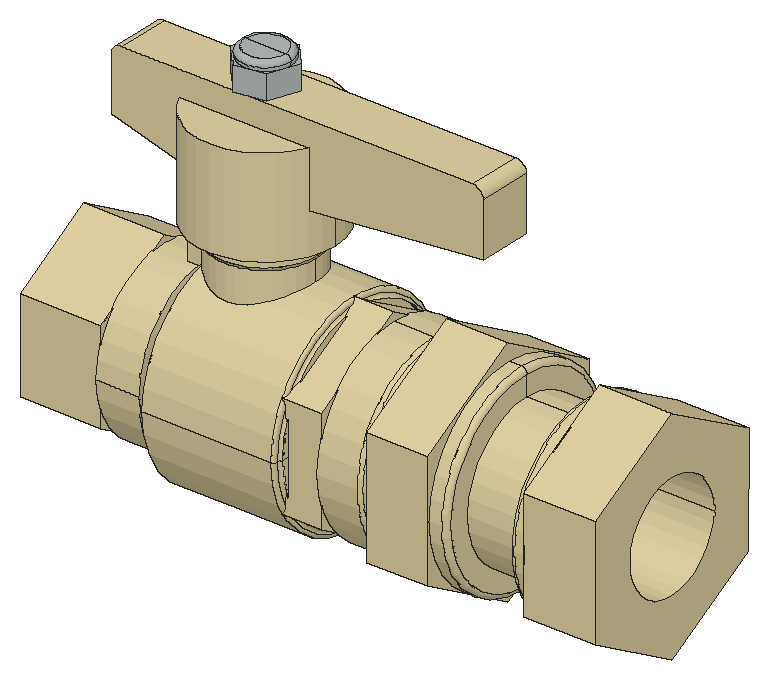
Revit family "QD00180000", category Apparecchi idraulici, Revit 2020
Family settings
  Quota connettore circolare = Usa diametro
  Tipo di parte = Normale
  Numero OmniClass = 23.45.00.00
  Titolo OmniClass = Sanitary, Laundry, and Cleaning Equipment
  Basato su piano di lavoro = No
  Sempre verticale = Sì
  Taglio con vuoti quando caricato = No
  Condiviso = No
  Punto di calcolo locali = No
Parameters
  URL = "https://web.cimberio.it/index.php/figura/987?subcategoria_id=43717"
  Temperatura di esercizio = "-20 ÷ 120°C"
  Prospetto di default = 0 mm
  Produttore = "CIMBERIO SPA"
  Pressione nominale = "PN 16"
  Modello = "Cim 203OT"
  Materiale = "Prodotto in lega di ottone conforme alla norma EN 12165-CW617N-DW"
  Descrizione = "Utilizzato nei più svariati settori dell'impiantistica: reti di distribuzione acqua potabile, impianti di riscaldamento, condizionamento, igienico-sanitari e in generale con ogni fluido non corrosivo"
  DN Model [instance] = QD00182133 : QD00182133
  DN [instance] = 20 mm
  Commenti sul tipo = "Realizzato in ottemperanza ai requisiti gestionali della norma EN ISO 9001.\r\nCollaudato al 100% secondo la normativa EN 12266-1"
Reference planes
  plane 1 "Centro (Fronte/Retro)": y = 0
  plane 2: z = 0
  plane 3 "Centro (Sinistra/Destra)": x = 0
Dimensions and locks
  aligned and locked: level to plane 2
Nested families
  nested 1: "QD00182133" at (0, 0, 0), type <- "DN Model", type "QD00182133"
  nested 2: "QD00182133" at (0, 0, 0), type <- "DN Model", type "QD00182133"
  nested 3: "QD00182133" at (0, 0, 0), type <- "DN Model", type "QD00182133"
  nested 4: "QD00182133" at (0, 0, 0), type <- "DN Model", type "QD00182133"
Connectors
  piping at (76.4, 0, 0), diameter 20, driven by "DN"
    settings: on nested 1, index 1, connector inside diameter 609.6 mm, connector length 0 mm, flow factor 0, pipe flow 0.0 L/s, pressure drop 0.0 Pa, fitting loss kfactor 0, connector angle 0.00°, fixture units 0, engagement length 0 mm, angle of deflection 0.00°, flow configuration 0, flow direction 0, fitting loss method 0, system type 7, joint type 0, gender type 0, connector reference index -1, connector utility 0, adjustable connector no, is connector primary yes, connector description ""
  piping at (-34.1, 0, 0), diameter 20, driven by "DN"
    settings: on nested 1, index 2, connector inside diameter 609.6 mm, connector length 0 mm, flow factor 0, pipe flow 0.0 L/s, pressure drop 0.0 Pa, fitting loss kfactor 0, connector angle 0.00°, fixture units 0, engagement length 0 mm, angle of deflection 0.00°, flow configuration 0, flow direction 0, fitting loss method 0, system type 7, joint type 0, gender type 0, connector reference index -1, connector utility 0, adjustable connector no, is connector primary no, connector description ""
Definition of nested family "QD00182133"
  Parameters (values of type "QD00182133")
    Default Elevation = 0 mm
  Reference planes
    plane 1 "Centro (Fronte/Retro)": y = 0
    plane 2: z = 0
    plane 3 "Centro (Sinistra/Destra)": x = 0
  Forms (mm)
    Revolve 1, solid
      sketch origin (0, 0, 0) x (1, 0, 0) y (0, 1, 0)
        loop
          line (-19, 10) -> (17.609, 10) -> (17.609, 18)
          arc (17.609, 18) -> (17.199, 18.241) -> (17.097, 18.705) r 0.594
          arc (17.097, 18.705) -> (17.006, 19.201) -> (16.6, 19.5) r 0.685
          line (16.6, 19.5) -> (-7.6, 19.5) -> (-11, 16.1) -> (-19, 16.1) -> (-19, 10)
        axis (-19, 0) -> (17.609, 0)
      angle from 0 to 360
    Extrusion 2, solid
      sketch origin (0, 0, 0) x (0, 1, 0) y (0, 0, 1)
        loop
          circle (0, 0) r 10
        loop
          line (0, 17.35) -> (-15.026, 8.675) -> (-15.026, -8.675) -> (0, -17.35) -> (15.026, -8.675) -> (15.026, 8.675) -> (0, 17.35)
      from -34.1 to -19
    Extrusion 3, solid
      sketch origin (0, 0, 0) x (0, 1, 0) y (0, 0, 1)
        loop
          line (0, 19.5) -> (-16.887, 9.75) -> (-16.887, -9.75) -> (0, -19.5) -> (16.887, -9.75) -> (16.887, 9.75) -> (0, 19.5)
        loop
          circle (0, 0) r 10
      from 16.6 to 24.1
    Revolve 4, solid
      sketch origin (0, 0, 0) x (1, 0, 0) y (0, 0, 1)
        loop
          line (24.1, 10) -> (34.1, 10) -> (34.1, 17.5) -> (32.217, 17.5) -> (31.6, 18) -> (24.1, 18) -> (24.1, 10)
        axis (24.1, 0) -> (34.1, 0)
      angle from 0 to 360
    Extrusion 5, solid
      sketch origin (0, 0, 0) x (0, 1, 0) y (0, 0, 1)
        loop
          circle (0, 0) r 10
        loop
          line (0, 21.8) -> (-18.879, 10.9) -> (-18.879, -10.9) -> (0, -21.8) -> (18.879, -10.9) -> (18.879, 10.9) -> (0, 21.8)
      from 34.1 to 45.6
    Revolve 6, solid
      sketch origin (0, 0, 0) x (1, 0, 0) y (0, 0, 1)
        loop
          line (45.6, 10) -> (62.9, 10) -> (62.9, 18) -> (61.114, 18)
          arc (61.114, 18) -> (60.667, 17.879) -> (60.4, 17.5) r 0.681
          line (60.4, 17.5) -> (60.4, 14) -> (49.1, 14) -> (49.1, 17.75)
          arc (49.1, 17.75) -> (48.807, 18.457) -> (48.1, 18.75) r 1
          line (48.1, 18.75) -> (45.6, 18.75) -> (45.6, 10)
        axis (45.6, 0) -> (62.9, 0)
      angle from 0 to 360
    Extrusion 7, solid
      sketch origin (0, 0, 0) x (0, 1, 0) y (0, 0, 1)
        loop
          circle (0, 0) r 10
        loop
          line (0, 20.75) -> (-17.97, 10.375) -> (-17.97, -10.375) -> (0, -20.75) -> (17.97, -10.375) -> (17.97, 10.375) -> (0, 20.75)
      from 62.9 to 76.4
    Revolve 8, solid
      sketch origin (0, 0, 0) x (1, 0, 0) y (0, 0, 1)
        loop
          line (0, 31.3) -> (-9.887, 31.3) -> (-9.887, 24)
          arc (-9.887, 24) -> (-9.744, 23.606) -> (-9.381, 23.397) r 0.612
          line (-9.381, 23.397) -> (-9.381, 12.734) -> (0, 12.734) -> (0, 31.3)
        axis (0, 31.3) -> (0, 12.734)
      angle from 0 to 360
    Extrusion 9, solid
      sketch origin (0, 0, 0) x (1, 0, 0) y (0, 0, 1)
        loop
          line (-15, 31.3) -> (-15, 24) -> (-13, 22.845) -> (-13, 12.845) -> (-7.035, 12.845) -> (-7.035, 31.3) -> (-15, 31.3)
      from 0 to 1.981
    Revolve 10, solid
      sketch origin (0, 0, 0) x (1, 0, 0) y (0, 0, 1)
        loop
          line (0, 32.8) -> (-8.3, 32.8) -> (-8.3, 31.3) -> (0, 31.3) -> (0, 32.8)
        axis (0, 32.8) -> (0, 31.3)
      angle from 0 to 360
    Revolve 11, solid
      sketch origin (0, 0, 0) x (1, 0, 0) y (0, 0, 1)
        loop
          line (10.545, 26.8) -> (13.134, 26.8) -> (13.134, 45.125) -> (0, 45.125) -> (0, 37.89) -> (10.545, 37.89) -> (10.545, 26.8)
        axis (0, 45.125) -> (0, 26.8)
      angle from 0 to 360
    Extrusion 12, solid
      sketch origin (0, 0, 0) x (1, 0, 0) y (0, 0, 1)
        loop
          line (-25, 37.83) -> (-12.266, 34.434) -> (11.043, 34.434) -> (45, 37.83) -> (45, 47.83)
          arc (45, 47.83) -> (44.414, 49.244) -> (43, 49.83) r 2
          line (43, 49.83) -> (-23, 49.83)
          arc (-23, 49.83) -> (-24.414, 49.244) -> (-25, 47.83) r 2
          line (-25, 47.83) -> (-25, 37.83)
      from -5 to 5
    Extrusion 13, solid
      sketch origin (0, 0, 0) x (1, 0, 0) y (0, 1, 0)
        loop
          line (1.88, 5.461) -> (-3.789, 4.359) -> (-5.669, -1.102) -> (-1.88, -5.461) -> (3.789, -4.359) -> (5.669, 1.102) -> (1.88, 5.461)
      from 49.8 to 54.3
    Revolve 14, solid
      sketch origin (0, 0, 0) x (1, 0, 0) y (0, 0, 1)
        loop
          line (3.75, 55.8) -> (0, 55.8) -> (0, 53.912) -> (4.75, 53.912) -> (4.75, 54.8)
          arc (4.75, 54.8) -> (4.457, 55.507) -> (3.75, 55.8) r 1
        axis (0, 55.8) -> (0, 53.912)
      angle from 0 to 360
  Dimensions and locks
    aligned and locked: level to plane 2
